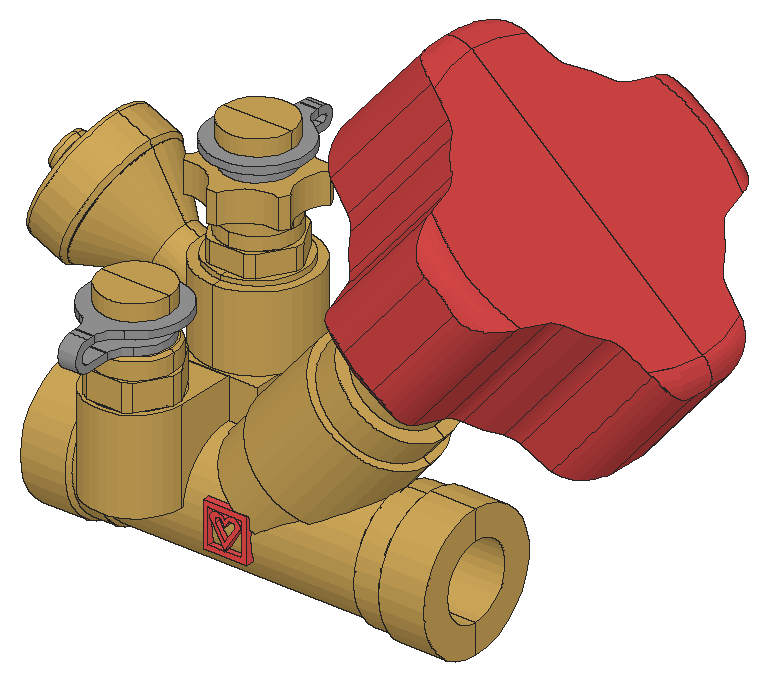
Revit family "HERZ Strömax Commissioning Valve With Integral Fixed orifice Plate 4017 ML", category Rohrzubehör, Revit 2021
Family settings
  Bemaßung runder Anschluss = Durchmesser verwenden
  Teiletyp = Unterbricht
  OmniClass-Nummer = 23.65.55.14
  OmniClass-Titel = Valves for Liquid Services
  Arbeitsebenenbasiert = Nein
  Immer vertikal = Ja
  Beim Laden mit Abzugskörper schneiden = Nein
  Gemeinsam genutzt = Nein
Parameters
  kvs-value [instance] = if(Nennweite = 15.000 mm, 2, if(Nennweite = 20.000 mm, 3.6, if(Nennweite = 25.000 mm, 6.5, if(Nennweite = 32.000 mm, 13.3, if(Nennweite = 40.000 mm, 18.5, if(Nennweite = 50.000 mm, 33, 0))))))  # 2
  kv-value of orifice [instance] = if(Nennweite = 15.000 mm, 1.95, if(Nennweite = 20.000 mm, 3.95, if(Nennweite = 25.000 mm, 7.9, if(Nennweite = 32.000 mm, 15.75, if(Nennweite = 40.000 mm, 21.5, if(Nennweite = 50.000 mm, 46.7, 0))))))  # 1.95
  W01 = 50.00°  # constant formula
  Vorgabe-Ansicht = 0.000 mm
  URL = "www.herzvalves.com"
  SW01 = 60.00°  # constant formula
  SCRNSEQ = "ARM;ARM_TYP=\"STRV\";2"
  SCRNCODE = "05;07;02"  # constant formula
  S03 = 60.000 mm  # constant formula
  S02 [instance] = L04 + L06 + L07  # 76.800 mm
  S01 [instance] = D01 * 2  # 27.000 mm
  R03 = 21.500 mm  # constant formula
  R02 = 9.500 mm  # constant formula
  R01 = 12.000 mm  # constant formula
  Part number [instance] = size_lookup("4017_ML_", "Artnr", 0, Nennweite)  # 1401731
  Model = "STRÖMAX 4017 ML, commissioning valve in Y pattern with an orifice plate and an connection for impulse line for differential pressure measurement, with test points:\r\nDZR brass, female threaded ends, non-rising stem sealed with Triple-O-Ring, presetting through stroke limiting, handwhell with presetting digital display."
  Medium = "Water purity in accordance with the OeNORM H5195 and VDI 2035 standards.\r\nEthylene and propylene glycol can be mixed to a ratio of 25 - 50 vol. %."
  Max. operating temperature = 130 °C  # constant formula
  Max. operating pressure = 2000000.0 Pa  # constant formula
  Max. differential pressure at closed valve = 1000000.0 Pa  # constant formula
  L10 [instance] = size_lookup("4017_ML_", "L10", 1.000 mm, Nennweite)  # 28.500 mm
  L09 [instance] = size_lookup("4017_ML_", "L9", 1.000 mm, Nennweite)  # 22.500 mm
  L08 [instance] = size_lookup("4017_ML_", "L8", 1.000 mm, Nennweite)  # 12.700 mm
  L07 [instance] = size_lookup("4017_ML_", "L7", 1.000 mm, Nennweite)  # 35.100 mm
  L06 [instance] = size_lookup("4017_ML_", "L6", 1.000 mm, Nennweite)  # 6.500 mm
  L05 [instance] = size_lookup("4017_ML_", "L5", 1.000 mm, Nennweite)  # 20.200 mm
  L04 [instance] = size_lookup("4017_ML_", "L4", 1.000 mm, Nennweite)  # 35.200 mm
  L03 [instance] = size_lookup("4017_ML_", "L3", 1.000 mm, Nennweite)  # 1.000 mm
  H03 [instance] = H01 - 19.000 mm  # 1.000 mm
  H02 = 13.000 mm  # constant formula
  Field of application = "Can be used as isolating and commissioning valve."
  E01 [instance] = L00 / -2  # -41.500 mm
  E00 = 0.000 mm  # constant formula
  D09 [instance] = size_lookup("4017_ML_", "D9", 1.000 mm, Nennweite)  # 11.750 mm
  D08 [instance] = size_lookup("4017_ML_", "D8", 1.000 mm, Nennweite)  # 9.500 mm
  D07 [instance] = size_lookup("4017_ML_", "D7", 1.000 mm, Nennweite)  # 12.000 mm
  D06 [instance] = size_lookup("4017_ML_", "D6", 1.000 mm, Nennweite)  # 13.500 mm
  D05 [instance] = size_lookup("4017_ML_", "D5", 1.000 mm, Nennweite)  # 12.500 mm
  D04 [instance] = Nennweite / 2  # 7.500 mm
  IG [instance] = Nennweite / 2  # 7.500 mm
  D03 [instance] = size_lookup("4017_ML_", "D3", 1.000 mm, Nennweite)  # 11.900 mm
  D02 [instance] = size_lookup("4017_ML_", "D2", 1.000 mm, Nennweite)  # 12.700 mm
  D01 [instance] = size_lookup("4017_ML_", "D1", 1.000 mm, Nennweite)  # 13.500 mm
  Nennweite [instance] = 15.000 mm
  L02 [instance] = size_lookup("4017_ML_", "L2", 1.000 mm, Nennweite)  # 5.000 mm
  L01 [instance] = size_lookup("4017_ML_", "L1", 1.000 mm, Nennweite)  # 9.250 mm
  L00 [instance] = size_lookup("4017_ML_", "L", 1.000 mm, Nennweite)  # 83.000 mm
  Hersteller = "HERZ Armaturen Ges.m.b.H."  # constant formula
  H01 [instance] = size_lookup("4017_ML_", "H1", 1.000 mm, Nennweite)  # 20.000 mm
  GT [instance] = size_lookup("4017_ML_", "GT", 1.000 mm, Nennweite)  # 13.200 mm
  DN50 [instance] = Nennweite = 50.000 mm  # no
  DN40 [instance] = Nennweite = 40.000 mm  # no
  DN32 [instance] = Nennweite = 32.000 mm  # no
  DN25 [instance] = Nennweite = 25.000 mm  # no
  DN20 [instance] = Nennweite = 20.000 mm  # no
  DN15 [instance] = Nennweite = 15.000 mm  # yes
  Body = "DZR brass"  # constant formula
Reference planes
  plane 1 "Mitte (Vorne/hinten)": y = 0
  plane 2: z = 0
  plane 3 "Mitte (Links/rechts)": x = 0
Forms (mm)
  Revolve 1, solid, material "Messing, weicher Gelbton, geschweißt", detail levels fine
    sketch origin (470, 0, 0) x (1, 0, 0) y (0, 0, 1)
      loop
        line (-511.5, 7.5) -> (-498.3, 7.5) -> (-498.3, 0) -> (-441.7, 0) -> (-441.7, 7.5) -> (-428.5, 7.5) -> (-428.5, 13.5) -> (-437.75, 13.5) -> (-438.421, 12.7) -> (-443.421, 12.7) -> (-444.093, 11.9) -> (-495.907, 11.9) -> (-496.579, 12.7) -> (-501.579, 12.7) -> (-502.25, 13.5) -> (-511.5, 13.5) -> (-511.5, 7.5)
      axis (-511.5, 0) -> (-428.5, 0)
    angle from 0 to 360
  Revolve 2, solid, material "Messing, weicher Gelbton, geschweißt", detail levels fine
    sketch origin (0.32, 0, -0.105) x (1, 0, 0) y (0, 0, 1)
      loop
        line (-1.32, 0.105) -> (48.046, 58.937) -> (39.045, 66.49) -> (30.882, 56.761) -> (32.605, 55.315) -> (18.207, 38.155) -> (16.292, 39.762) -> (12.114, 34.783) -> (10.964, 35.747) -> (-2.02, 20.273) -> (-1.254, 19.63) -> (-7.652, 12.005) -> (-7.065, 4.926) -> (-1.32, 0.105)
      axis (-1.32, 0.105) -> (48.046, 58.937)
    angle from 0 to 360
  Extrusion 3, solid, material "Messing, weicher Gelbton, geschweißt", detail levels fine
    sketch origin (0, 0, 0) x (1, 0, 0) y (0, 1, 0)
      loop
        arc (-28.5, -12) -> (-19, -21.5) -> (-9.5, -12) r 9.5
        line (-9.5, -12) -> (-9.5, 0) -> (-28.5, 0) -> (-28.5, -12)
    from 1 <- "H03" to 20 <- "H01"
  Extrusion 4, solid, material "Messing, weicher Gelbton, geschweißt", detail levels fine
    sketch origin (0, 0, 0) x (1, 0, 0) y (0, 1, 0)
      loop
        line (-22.5, 12) -> (-22.5, 0) -> (-3.5, 0) -> (-3.5, 12)
        arc (-3.5, 12) -> (-13, 21.5) -> (-22.5, 12) r 9.5
    from 0 to 20 <- "H01"
  Extrusion 5, void
    sketch origin (0, 0, 0) x (1, 0, 0) y (0, 0, 1)
      loop
        line (55, 0) -> (80, 0) -> (80, 73) -> (55, 73) -> (55, 0)
    from 55 to -55
Cuts and joins
  Extrusion 5 cuts Revolve 2
Lines and regions (mm)
  model lines, detail levels coarse+medium
    curve 1: line (-41.5, 0, 13.5) -> (-41.5, 0, -13.5)
    curve 2: line (-41.5, 0, -13.5) -> (41.5, 0, 13.5)
    curve 3: line (41.5, 0, 13.5) -> (41.5, 0, -13.5)
    curve 4: line (41.5, 0, -13.5) -> (-41.5, 0, 13.5)
    curve 5: line (0, 0, 0) -> (38.4, 0, 66.511)
    curve 6: line (12.419, 0, 81.511) -> (64.381, 0, 51.511)
    curve 7: line (-41.5, -13.5, 0) -> (-41.5, 13.5, 0)
    curve 8: line (-41.5, 13.5, 0) -> (41.5, -13.5, 0)
    curve 9: line (41.5, -13.5, 0) -> (41.5, 13.5, 0)
    curve 10: line (41.5, 13.5, 0) -> (-41.5, -13.5, 0)
    curve 11: line (0, 0, 0) -> (38.4, 66.511, 0)
    curve 12: line (12.419, 81.511, 0) -> (64.381, 51.511, 0)
Dimensions and locks
  "L00": Revolve 1 sketch curve to Revolve 1 sketch curve
  equal spacing: Revolve 1 sketch curve, plane 3 "Mitte (Links/rechts)", Revolve 1 sketch curve
  "D01": Revolve 1 sketch curve to Revolve 1 sketch curve  (x2)
  "GT": Revolve 1 sketch curve to Revolve 1 sketch curve  (x2)
  "D06": Revolve 2 sketch curve to Revolve 2 sketch curve
  "D07": Revolve 2 sketch curve to Revolve 2 sketch curve
  "D08": Revolve 2 sketch curve to Revolve 2 sketch curve
  "D09": Revolve 2 sketch curve to Revolve 2 sketch curve
  equal spacing: curve 1, plane 3 "Mitte (Links/rechts)", curve 3
  "L00": curve 1 to curve 3
  equal spacing: curve 4, plane 2, curve 2
  "S01": curve 4 to curve 1
  "S01": curve 3 to curve 4
  equal spacing: curve 3, plane 2, curve 4
  "S02": curve 5 to curve 5
  equal spacing: curve 6, curve 5, curve 6
  "S03": curve 6 to curve 6
  equal spacing: curve 7, plane 3 "Mitte (Links/rechts)", curve 9
  "L00": curve 7 to curve 9
  equal spacing: curve 10, plane 1 "Mitte (Vorne/hinten)", curve 8
  "S01": curve 8 to curve 10
  equal spacing: curve 9, plane 1 "Mitte (Vorne/hinten)", curve 10
  "S01": curve 10 to curve 9
  "S02": curve 11 to curve 11
  equal spacing: curve 12, curve 11, curve 12
  "S03": curve 12 to curve 12
  "L01": Revolve 1 sketch curve to Revolve 1 sketch curve  (x2)
  "D02": Revolve 1 sketch curve to plane 2  (x2)
  "D03": Revolve 1 sketch curve to plane 2
  "IG": Revolve 1 sketch curve to plane 2  (x2)
  "L02": Revolve 1 sketch curve to Revolve 1 sketch curve  (x2)
  "L04": Revolve 2 sketch curve to Revolve 2 sketch curve
  "L05": Revolve 2 sketch curve to Revolve 2 sketch curve
  "D03": Revolve 2 sketch curve to plane 2
  "L06": Revolve 2 sketch curve to Revolve 2 sketch curve
  "L08": Revolve 2 sketch curve to Revolve 2 sketch curve
  "L07": Revolve 2 sketch curve to Revolve 2 sketch curve
  "D04": Revolve 2 sketch curve to Revolve 2 sketch curve
  "D05": Revolve 2 sketch curve to Revolve 2 sketch curve
  "L03": plane 3 "Mitte (Links/rechts)" to Revolve 2 sketch curve  (x2)
  "D03": nested 1 to plane 1 "Mitte (Vorne/hinten)"
  "L09": Revolve 1 to Extrusion 3 sketch curve
  "R01": Extrusion 3 sketch curve to plane 1 "Mitte (Vorne/hinten)"
  "R01": plane 1 "Mitte (Vorne/hinten)" to Extrusion 4 sketch curve
  "L10": Revolve 1 to Extrusion 4 sketch curve
  "H01": nested 2 to plane 2
  "R01": nested 2 to plane 1 "Mitte (Vorne/hinten)"
  "L09": Revolve 1 to nested 2
  Extrusion 5 sketch curve to plane 3 "Mitte (Links/rechts)" = 55.000 mm
  Extrusion 5 sketch curve to Extrusion 5 sketch curve = 25.000 mm
  Extrusion 5 sketch curve to plane 2 = 73.000 mm
  "L10": Revolve 1 to nested 9
  "R01": plane 1 "Mitte (Vorne/hinten)" to nested 9
  "H01": nested 9 to plane 2
  "R02": radius of Extrusion 3 sketch curve
  "R02": radius of Extrusion 4 sketch curve
  "W01": angle level to Revolve 2 sketch curve
  "SW01": angle plane 2 to curve 5
  "SW01": angle plane 1 "Mitte (Vorne/hinten)" to curve 11
  "W01": angle Revolve 1 sketch curve to Revolve 1 sketch curve  (x4)
  "W01": angle plane 2 to Revolve 2 sketch curve
  aligned and locked: level to plane 2
Automatic sketch dimensions
  Extrusion 5 sketch curve to level = 0.000 mm
  curve 5 to level = 0.000 mm
  plane 1 "Mitte (Vorne/hinten)" to curve 11 = 0.000 mm
  Revolve 1 sketch curve to level = 0.000 mm  (x2)
  Revolve 1 sketch curve to Revolve 1 sketch curve = 791.990 mm
  Revolve 1 sketch curve to Revolve 1 sketch curve = 2278.983 mm
  Revolve 2 sketch curve to level = 0.000 mm  (x2)
  plane 1 "Mitte (Vorne/hinten)" to Extrusion 3 sketch curve = 0.000 mm
  plane 1 "Mitte (Vorne/hinten)" to Extrusion 4 sketch curve = 0.000 mm
Nested families
  nested 1: "Herz-Logo-vorne" at (0, -11.9, 0) x (0, 1, 0) z (0, 0, 1), type "Herz-Logo-vorne", detail levels fine
  nested 2: "Messstutzen_Band_Eintritt_senkrecht_(oben)" at (-19, -12, 2.5) x (-1, 0, 0) z (0, 0, 1), type "Messstutzen_Band_Eintritt_senkrecht_(oben)", detail levels fine
    with Schutzkappe yes, Nennweite 0.000 mm, Gewicht 0.00 kg, Bestellnummer 0
  nested 3: "Strangregulierventil-Handrad (Rot) DN15-DN32" at (48.366, 0, 58.832), visible <- "DN15", type "Strangregulierventil-Handrad (Rot) DN15-DN32"
    with Nennweite 0.000 mm, Gewicht 0.00 kg, Bestellnummer 0
  nested 4: "Strangregulierventil-Handrad (Rot) DN15-DN32" at (50.13, 0, 62.126), visible <- "DN20", type "Strangregulierventil-Handrad (Rot) DN15-DN32"
    with Nennweite 0.000 mm, Gewicht 0.00 kg, Bestellnummer 0
  nested 5: "Strangregulierventil-Handrad (Rot) DN15-DN32" at (55.886, 0, 73.157), visible <- "DN25", type "Strangregulierventil-Handrad (Rot) DN15-DN32"
    with Nennweite 0.000 mm, Gewicht 0.00 kg, Bestellnummer 0
  nested 6: "Strangregulierventil-Handrad (Rot) DN15-DN32" at (60.493, 0, 82.58), visible <- "DN32", type "Strangregulierventil-Handrad (Rot) DN15-DN32"
    with Nennweite 0.000 mm, Gewicht 0.00 kg, Bestellnummer 0
  nested 7: "Strangregulierventil-Handrad (Rot) DN40-DN50" at (68.72, 0, 95.602), visible <- "DN40", type "Strangregulierventil-Handrad (Rot) DN40-DN50"
    with Nennweite 0.000 mm, Gewicht 0.00 kg, Bestellnummer 0
  nested 8: "Strangregulierventil-Handrad (Rot) DN40-DN50" at (66.762, 0, 99.586), visible <- "DN50", type "Strangregulierventil-Handrad (Rot) DN40-DN50"
    with Nennweite 0.000 mm, Gewicht 0.00 kg, Bestellnummer 0
  nested 9: "Messstutzen_Band-KFE_Austritt_senkrecht_(oben)" at (-13, 12, 24.41), type "Messstutzen_Band-KFE_Austritt_senkrecht_(oben)", detail levels fine
    with Schutzkappe yes, Nennweite 0.000 mm, Gewicht 0.00 kg, Bestellnummer 0
Connectors
  piping at (-28.3, 0, 0), diameter 15, driven by "Nennweite"
    settings: on Revolve 1, index 1, connector inside diameter 609.6 mm, connector length 0.000 mm, flow factor 0, pipe flow 0.0 L/s, pressure drop 0.0 Pa, fitting loss kfactor 0, connector angle 0.00°, fixture units 0, engagement length 0.000 mm, angle of deflection 0.00°, flow configuration 0, flow direction 1, fitting loss method 0, system type 29, joint type 0, gender type 0, connector reference index -1, connector utility 0, adjustable connector no, is connector primary yes, connector description ""
  piping at (28.3, 0, 0), diameter 15, driven by "Nennweite"
    settings: on Revolve 1, index 2, connector inside diameter 609.6 mm, connector length 0.000 mm, flow factor 0, pipe flow 0.0 L/s, pressure drop 0.0 Pa, fitting loss kfactor 0, connector angle 0.00°, fixture units 0, engagement length 0.000 mm, angle of deflection 0.00°, flow configuration 0, flow direction 2, fitting loss method 0, system type 29, joint type 0, gender type 0, connector reference index -1, connector utility 0, adjustable connector no, is connector primary no, connector description ""
Definition of nested family "Herz-Logo-vorne"
  Parameters (values of type "Herz-Logo-vorne")
    Default Elevation = 0.000 mm
  Reference planes
    plane 1 "Mitte (Vorne/hinten)": y = 0
    plane 2: z = 0
    plane 3 "Mitte (Links/rechts)": x = 0
  Forms (mm)
    Extrusion 1, solid
      sketch origin (0.732, -0.018, 0.017) x (0, -1, 0) y (0, 0, 1)
        loop
          line (-0.018, -4.517) -> (4.482, -4.517) -> (4.482, 4.483) -> (-4.518, 4.483) -> (-4.518, -4.517) -> (-0.018, -4.517)
        loop
          line (-0.05, -3.48) -> (3.482, -3.48) -> (3.482, 3.483) -> (-3.518, 3.483) -> (-3.518, -3.48) -> (-0.05, -3.48)
        loop
          arc (-0.018, 2.383) -> (-1.543, 3.287) -> (-3.067, 2.383) r 1.738
          arc (-3.067, 2.383) -> (-3.191, 1.899) -> (-3.067, 1.415) r 1.009
          line (-3.067, 1.415) -> (-0.018, -3.281) -> (3.032, 1.415)
          arc (3.032, 1.415) -> (3.156, 1.899) -> (3.032, 2.383) r 1.009
          arc (3.032, 2.383) -> (1.507, 3.287) -> (-0.018, 2.383) r 1.738
        loop
          arc (1.885, 1.272) -> (2.005, 1.675) -> (1.885, 2.079) r 0.74
          arc (1.885, 2.079) -> (1.265, 2.416) -> (0.644, 2.079) r 0.74
          line (0.644, 2.079) -> (-0.018, 0.97) -> (-0.679, 2.079)
          arc (-0.679, 2.079) -> (-1.3, 2.416) -> (-1.921, 2.079) r 0.74
          arc (-1.921, 2.079) -> (-2.04, 1.675) -> (-1.921, 1.272) r 0.74
          line (-1.921, 1.272) -> (-0.018, -1.658) -> (1.885, 1.272)
      from 0 to 1.5
  Dimensions and locks
    aligned and locked: level to plane 2
Definition of nested family "Messstutzen_Band_Eintritt_senkrecht_(oben)"
  Parameters (values of type "Messstutzen_Band_Eintritt_senkrecht_(oben)")
    Default Elevation = 0.000 mm
    URL = "www.herz-armaturen.at"
    Schutzkappe [instance] = yes
    Nennweite [instance] = 0.000 mm
    Manufacturer = "Herz Armaturen GmbH"  # constant formula
    Gewicht [instance] = 0.00 kg
    Bestellnummer [instance] = 0
  Reference planes
    plane 1 "Mitte (Vorne/hinten)": y = 0
    plane 2: z = 0
    plane 3 "Mitte (Links/rechts)": x = 0
    plane 4 "Schlaufe 1": z = -27
    plane 5 "Schlaufe 2": z = -31.678
  Forms (mm)
    Revolve 1, solid, detail levels fine
      sketch origin (0, 0, 0) x (1, 0, 0) y (0, 0, 1)
        loop
          line (-7.4, 9) -> (-5.55, 9) -> (-5.55, 6)
          arc (-5.55, 6) -> (-5.626, 5.617) -> (-5.843, 5.293) r 1
          line (-5.843, 5.293) -> (-6.455, 4.681) -> (-6.455, 0.9) -> (-5.555, 0) -> (-2, 0) -> (-2, 17.5) -> (-8.4, 17.5)
          arc (-8.4, 17.5) -> (-7.693, 17.207) -> (-7.4, 16.5) r 1
          line (-7.4, 16.5) -> (-7.4, 9)
        loop
          line (-3.7, 27) -> (-7.3, 27) -> (-7.9, 26.4) -> (-7.9, 23) -> (-2, 23) -> (-2, 35.8) -> (-3.805, 35.8) -> (-4.415, 35.19) -> (-4.415, 30.863) -> (-3.7, 30.45) -> (-3.7, 27)
        axis (0, 0) -> (0, 35.8)
      angle from 0 to 360
    Extrusion 2, solid, detail levels fine
      sketch origin (0, 0, 17.5) x (0, 1, 0) y (-1, 0, 0)
        loop
          arc (-7.07, 5.156) -> (-7.578, 4.375) -> (-8, 3.544) r 8.75
          line (-8, 3.544) -> (-8, -3.544)
          arc (-8, -3.544) -> (-7.578, -4.375) -> (-7.07, -5.156) r 8.75
          line (-7.07, -5.156) -> (-0.93, -8.7)
          arc (-0.93, -8.7) -> (0, -8.75) -> (0.93, -8.7) r 8.75
          line (0.93, -8.7) -> (7.07, -5.156)
          arc (7.07, -5.156) -> (7.578, -4.375) -> (8, -3.544) r 8.75
          line (8, -3.544) -> (8, 3.544)
          arc (8, 3.544) -> (7.578, 4.375) -> (7.07, 5.156) r 8.75
          line (7.07, 5.156) -> (0.93, 8.7)
          arc (0.93, 8.7) -> (0, 8.75) -> (-0.93, 8.7) r 8.75
          line (-0.93, 8.7) -> (-7.07, 5.156)
      from 0 to 5.5
    Revolve 3, solid, visible <- "Schutzkappe", detail levels fine
      sketch origin (0, 0, 0) x (1, 0, 0) y (0, 0, 1)
        loop
          line (0, 35.878) -> (0, 36.678) -> (-7, 36.678) -> (-7, 33.378) -> (-6.1, 33.378) -> (-6.1, 31.678) -> (-6.9, 31.678) -> (-6.9, 30.178) -> (-4.415, 30.178) -> (-4.415, 35.268) -> (-3.805, 35.878) -> (0, 35.878)
        axis (0, 30.178) -> (0, 36.678)
      angle from 0 to 360
    Extrusion 4, solid, detail levels fine
      sketch origin (0, 0, 28.5) x (1, 0, 0) y (0, 1, 0)
        loop
          circle (0, 0) r 3.7
        loop
          arc (-3.906, 5.505) -> (0, -6.75) -> (3.906, 5.505) r 6.75
          arc (3.906, 5.505) -> (2.358, 7.288) -> (1.8, 9.582) r 5
          line (1.8, 9.582) -> (-1.8, 9.582)
          arc (-1.8, 9.582) -> (-2.358, 7.288) -> (-3.906, 5.505) r 5
      from 0 to -1.5
    Extrusion 5, solid, detail levels fine
      sketch origin (0, 0, 33.178) x (1, 0, 0) y (0, 1, 0)
        loop
          circle (0, 0) r 6.1
        loop
          arc (-4.495, 8.652) -> (0, -9.75) -> (4.495, 8.652) r 9.75
          arc (4.495, 8.652) -> (2.527, 10.493) -> (1.8, 13.089) r 5
          line (1.8, 13.089) -> (-1.8, 13.089)
          arc (-1.8, 13.089) -> (-2.527, 10.493) -> (-4.495, 8.652) r 5
      from 0 to -1.5
    Sweep 6, solid, detail levels fine
      path origin (0, 0, 0) x (0, 0, -1) y (0, -1, 0)
        loop
          line (-27.75, -9.582) -> (-27.75, -14.522)
          arc (-27.75, -14.522) -> (-30.089, -16.862) -> (-32.428, -14.522) r 2.339
          line (-32.428, -14.522) -> (-32.428, -13.089)
      profile origin (0, 12.052, 27.75) x (0, 0, 1) y (1, 0, 0)
        loop
          line (-0.75, -1.8) -> (0.75, -1.8) -> (0.75, 1.8) -> (-0.75, 1.8) -> (-0.75, -1.8)
  Dimensions and locks
    aligned and locked: level to plane 2
Definition of nested family "Strangregulierventil-Handrad (Rot) DN15-DN32"
  Parameters (values of type "Strangregulierventil-Handrad (Rot) DN15-DN32")
    Default Elevation = 0.000 mm
    URL = "www.herz-armaturen.at"
    Nennweite [instance] = 0.000 mm
    Manufacturer = "Herz Armaturen GmbH"  # constant formula
    Gewicht [instance] = 0.00 kg
    Bestellnummer [instance] = 0
  Reference planes
    plane 1 "Mitte (Vorne/hinten)": y = 0
    plane 2: z = 0
    plane 3 "Mitte (Links/rechts)": x = 0
  Forms (mm)
    Revolve 1, solid, detail levels fine
      sketch origin (0, 0, 0) x (0.766044, 0, -0.642788) y (0.642788, 0, 0.766044)
        loop
          line (0, 0) -> (0, 24.95) -> (-30.992, 24.95)
          arc (-30.992, 24.95) -> (-34.37, 23.636) -> (-35.973, 20.386) r 5
          line (-35.973, 20.386) -> (-37, 8.65) -> (-35.986, -2.936)
          arc (-35.986, -2.936) -> (-34.383, -6.186) -> (-31.005, -7.5) r 5
          line (-31.005, -7.5) -> (-15, -7.5) -> (-15, 0) -> (0, 0)
        axis (0, 24.95) -> (0, -7.5)
      angle from 0 to 360
    Extrusion 2, void
      sketch origin (13.049, 0, 15.551) x (0.766044, 0, -0.642788) y (0, 1, 0)
        loop
          line (3.861, 35.5) -> (-3.861, 35.5)
          arc (-3.861, 35.5) -> (-8.731, 33.847) -> (-11.589, 29.571) r 8
          line (-11.589, 29.571) -> (-13.284, 23.245)
          arc (-13.284, 23.245) -> (-13.982, 21.722) -> (-15.144, 20.516) r 5
          arc (-15.144, 20.516) -> (-18.031, 18.031) -> (-20.516, 15.144) r 25.5
          arc (-20.516, 15.144) -> (-21.722, 13.982) -> (-23.245, 13.284) r 5
          line (-23.245, 13.284) -> (-29.571, 11.589)
          arc (-29.571, 11.589) -> (-33.847, 8.731) -> (-35.5, 3.861) r 8
          line (-35.5, 3.861) -> (-35.5, -3.861)
          arc (-35.5, -3.861) -> (-33.847, -8.731) -> (-29.571, -11.589) r 8
          line (-29.571, -11.589) -> (-23.245, -13.284)
          arc (-23.245, -13.284) -> (-21.722, -13.982) -> (-20.516, -15.144) r 5
          arc (-20.516, -15.144) -> (-18.031, -18.031) -> (-15.144, -20.516) r 25.5
          arc (-15.144, -20.516) -> (-13.982, -21.722) -> (-13.284, -23.245) r 5
          line (-13.284, -23.245) -> (-11.589, -29.571)
          arc (-11.589, -29.571) -> (-8.731, -33.847) -> (-3.861, -35.5) r 8
          line (-3.861, -35.5) -> (3.861, -35.5)
          arc (3.861, -35.5) -> (8.731, -33.847) -> (11.589, -29.571) r 8
          line (11.589, -29.571) -> (13.284, -23.245)
          arc (13.284, -23.245) -> (13.982, -21.722) -> (15.144, -20.516) r 5
          arc (15.144, -20.516) -> (18.031, -18.031) -> (20.516, -15.144) r 25.5
          arc (20.516, -15.144) -> (21.722, -13.982) -> (23.245, -13.284) r 5
          line (23.245, -13.284) -> (29.571, -11.589)
          arc (29.571, -11.589) -> (33.847, -8.731) -> (35.5, -3.861) r 8
          line (35.5, -3.861) -> (35.5, 3.861)
          arc (35.5, 3.861) -> (33.847, 8.731) -> (29.571, 11.589) r 8
          line (29.571, 11.589) -> (23.245, 13.284)
          arc (23.245, 13.284) -> (21.722, 13.982) -> (20.516, 15.144) r 5
          arc (20.516, 15.144) -> (18.031, 18.031) -> (15.144, 20.516) r 25.5
          arc (15.144, 20.516) -> (13.982, 21.722) -> (13.284, 23.245) r 5
          line (13.284, 23.245) -> (11.589, 29.571)
          arc (11.589, 29.571) -> (8.731, 33.847) -> (3.861, 35.5) r 8
        loop
          circle (0, 0) r 38
      from -31.266 to 7.923
  Cuts and joins
    Extrusion 2 cuts Revolve 1
  Dimensions and locks
    Revolve 1 sketch curve to Revolve 1 sketch curve = 15.000 mm
    Revolve 1 sketch curve to Revolve 1 sketch curve = 16.150 mm
    Revolve 1 sketch curve to Revolve 1 sketch curve = 16.300 mm
    angle Revolve 1 sketch curve to Revolve 1 sketch curve = 95.00°
    aligned and locked: level to plane 2
Definition of nested family "Strangregulierventil-Handrad (Rot) DN40-DN50"
  Parameters (values of type "Strangregulierventil-Handrad (Rot) DN40-DN50")
    Default Elevation = 0.000 mm
    URL = "www.herz-armaturen.at"
    Nennweite [instance] = 0.000 mm
    Manufacturer = "Herz Armaturen GmbH"  # constant formula
    Gewicht [instance] = 0.00 kg
    Bestellnummer [instance] = 0
  Reference planes
    plane 1 "Mitte (Vorne/hinten)": y = 0
    plane 2: z = 0
    plane 3 "Mitte (Links/rechts)": x = 0
  Forms (mm)
    Revolve 1, solid, detail levels fine
      sketch origin (0, 0, 0) x (0.766044, 0, -0.642788) y (0.642788, 0, 0.766044)
        loop
          line (0, 0) -> (0, 24.95) -> (-50.992, 24.95)
          arc (-50.992, 24.95) -> (-54.37, 23.636) -> (-55.973, 20.386) r 5
          line (-55.973, 20.386) -> (-57, 8.65) -> (-55.986, -2.936)
          arc (-55.986, -2.936) -> (-54.383, -6.186) -> (-51.005, -7.5) r 5
          line (-51.005, -7.5) -> (-15, -7.5) -> (-15, 0) -> (0, 0)
        axis (0, 24.95) -> (0, -7.5)
      angle from 0 to 360
    Extrusion 2, void
      sketch origin (13.049, 0, 15.551) x (0.766044, 0, -0.642788) y (0, 1, 0)
        loop
          line (-55, 6.292) -> (-55, -6.292)
          arc (-55, -6.292) -> (-52.52, -13.597) -> (-46.106, -17.883) r 12
          line (-46.106, -17.883) -> (-35.399, -20.752)
          arc (-35.399, -20.752) -> (-33.541, -21.612) -> (-32.08, -23.047) r 6
          arc (-32.08, -23.047) -> (-27.931, -27.931) -> (-23.047, -32.08) r 39.5
          arc (-23.047, -32.08) -> (-21.612, -33.541) -> (-20.752, -35.399) r 6
          line (-20.752, -35.399) -> (-17.883, -46.106)
          arc (-17.883, -46.106) -> (-13.597, -52.52) -> (-6.292, -55) r 12
          line (-6.292, -55) -> (6.292, -55)
          arc (6.292, -55) -> (13.597, -52.52) -> (17.883, -46.106) r 12
          line (17.883, -46.106) -> (20.752, -35.399)
          arc (20.752, -35.399) -> (21.612, -33.541) -> (23.047, -32.08) r 6
          arc (23.047, -32.08) -> (27.931, -27.931) -> (32.08, -23.047) r 39.5
          arc (32.08, -23.047) -> (33.541, -21.612) -> (35.399, -20.752) r 6
          line (35.399, -20.752) -> (46.106, -17.883)
          arc (46.106, -17.883) -> (52.52, -13.597) -> (55, -6.292) r 12
          line (55, -6.292) -> (55, 6.292)
          arc (55, 6.292) -> (52.52, 13.597) -> (46.106, 17.883) r 12
          line (46.106, 17.883) -> (35.399, 20.752)
          arc (35.399, 20.752) -> (33.541, 21.612) -> (32.08, 23.047) r 6
          arc (32.08, 23.047) -> (27.931, 27.931) -> (23.047, 32.08) r 39.5
          arc (23.047, 32.08) -> (21.612, 33.541) -> (20.752, 35.399) r 6
          line (20.752, 35.399) -> (17.883, 46.106)
          arc (17.883, 46.106) -> (13.597, 52.52) -> (6.292, 55) r 12
          line (6.292, 55) -> (-6.292, 55)
          arc (-6.292, 55) -> (-13.597, 52.52) -> (-17.883, 46.106) r 12
          line (-17.883, 46.106) -> (-20.752, 35.399)
          arc (-20.752, 35.399) -> (-21.612, 33.541) -> (-23.047, 32.08) r 6
          arc (-23.047, 32.08) -> (-27.931, 27.931) -> (-32.08, 23.047) r 39.5
          arc (-32.08, 23.047) -> (-33.541, 21.612) -> (-35.399, 20.752) r 6
          line (-35.399, 20.752) -> (-46.106, 17.883)
          arc (-46.106, 17.883) -> (-52.52, 13.597) -> (-55, 6.292) r 12
        loop
          circle (0, 0) r 60
      from -31.161 to 7.489
  Cuts and joins
    Extrusion 2 cuts Revolve 1
  Dimensions and locks
    Revolve 1 sketch curve to Revolve 1 sketch curve = 15.000 mm
    Revolve 1 sketch curve to Revolve 1 sketch curve = 16.150 mm
    Revolve 1 sketch curve to Revolve 1 sketch curve = 16.300 mm
    Revolve 1 sketch curve to Revolve 1 sketch curve = 57.000 mm
    angle Revolve 1 sketch curve to Revolve 1 sketch curve = 95.00°
    aligned and locked: level to plane 2
Definition of nested family "Messstutzen_Band-KFE_Austritt_senkrecht_(oben)"
  Parameters (values of type "Messstutzen_Band-KFE_Austritt_senkrecht_(oben)")
    Default Elevation = 0.000 mm
    URL = "www.herz-armaturen.at"
    Schutzkappe [instance] = yes
    Nennweite [instance] = 0.000 mm
    Manufacturer = "Herz Armaturen GmbH"  # constant formula
    Gewicht [instance] = 0.00 kg
    Bestellnummer [instance] = 0
  Reference planes
    plane 1 "Mitte (Vorne/hinten)": y = 0
    plane 2: z = 0
    plane 3 "Mitte (Links/rechts)": x = 0
  Forms (mm)
    Revolve 1, solid, detail levels fine
      sketch origin (0, 0, 0) x (1, 0, 0) y (0, 0, 1)
        loop
          line (-7.4, 9) -> (-5.55, 9) -> (-5.55, 6)
          arc (-5.55, 6) -> (-5.626, 5.617) -> (-5.843, 5.293) r 1
          line (-5.843, 5.293) -> (-6.455, 4.681) -> (-6.455, 0.9) -> (-5.555, 0) -> (-2, 0) -> (-2, 23) -> (-2, 35.8) -> (-3.805, 35.8) -> (-4.415, 35.19) -> (-4.415, 30.863) -> (-3.7, 30.45) -> (-3.7, 27) -> (-7.4, 27) -> (-7.4, 9)
        axis (0, 0) -> (0, 35.8)
      angle from 0 to 360
    Extrusion 2, solid, detail levels fine
      sketch origin (0, 0, 17.5) x (0, 1, 0) y (-1, 0, 0)
        loop
          arc (-7.07, 5.156) -> (-7.578, 4.375) -> (-8, 3.544) r 8.75
          line (-8, 3.544) -> (-8, -3.544)
          arc (-8, -3.544) -> (-7.578, -4.375) -> (-7.07, -5.156) r 8.75
          line (-7.07, -5.156) -> (-0.93, -8.7)
          arc (-0.93, -8.7) -> (0, -8.75) -> (0.93, -8.7) r 8.75
          line (0.93, -8.7) -> (7.07, -5.156)
          arc (7.07, -5.156) -> (7.578, -4.375) -> (8, -3.544) r 8.75
          line (8, -3.544) -> (8, 3.544)
          arc (8, 3.544) -> (7.578, 4.375) -> (7.07, 5.156) r 8.75
          line (7.07, 5.156) -> (0.93, 8.7)
          arc (0.93, 8.7) -> (0, 8.75) -> (-0.93, 8.7) r 8.75
          line (-0.93, 8.7) -> (-7.07, 5.156)
      from -5.51 to -1.21
    Revolve 3, solid, visible <- "Schutzkappe", detail levels fine
      sketch origin (0, 0, 0) x (1, 0, 0) y (0, 0, 1)
        loop
          line (0, 35.878) -> (0, 36.678) -> (-7, 36.678) -> (-7, 33.378) -> (-6.1, 33.378) -> (-6.1, 31.678) -> (-6.9, 31.678) -> (-6.9, 30.178) -> (-4.415, 30.178) -> (-4.415, 35.268) -> (-3.805, 35.878) -> (0, 35.878)
        axis (0, 30.178) -> (0, 36.678)
      angle from 0 to 360
    Extrusion 4, solid, detail levels fine
      sketch origin (0, 0, 30) x (1, 0, 0) y (0, 1, 0)
        loop
          circle (0, 0) r 3.7
        loop
          arc (-3.906, 5.505) -> (0, -6.75) -> (3.906, 5.505) r 6.75
          arc (3.906, 5.505) -> (2.358, 7.288) -> (1.8, 9.582) r 5
          line (1.8, 9.582) -> (-1.8, 9.582)
          arc (-1.8, 9.582) -> (-2.358, 7.288) -> (-3.906, 5.505) r 5
      from 0 to -1.5
    Extrusion 5, solid, detail levels fine
      sketch origin (0, 0, 33.178) x (1, 0, 0) y (0, 1, 0)
        loop
          circle (0, 0) r 6.1
        loop
          arc (-4.495, 8.652) -> (0, -9.75) -> (4.495, 8.652) r 9.75
          arc (4.495, 8.652) -> (2.527, 10.493) -> (1.8, 13.089) r 5
          line (1.8, 13.089) -> (-1.8, 13.089)
          arc (-1.8, 13.089) -> (-2.527, 10.493) -> (-4.495, 8.652) r 5
      from 0 to -1.5
    Sweep 6, solid, detail levels fine
      path origin (0, 0, 0) x (0, 0, -1) y (0, -1, 0)
        loop
          line (-29.25, -9.582) -> (-29.25, -14.522)
          arc (-29.25, -14.522) -> (-30.839, -16.112) -> (-32.428, -14.522) r 1.589
          line (-32.428, -14.522) -> (-32.428, -13.089)
      profile origin (0, 12.052, 29.25) x (0, 0, 1) y (1, 0, 0)
        loop
          line (-0.75, -1.8) -> (0.75, -1.8) -> (0.75, 1.8) -> (-0.75, 1.8) -> (-0.75, -1.8)
    Extrusion 7, solid, detail levels fine
      sketch origin (-101.196, 0, 0) x (1, 0, 0) y (0, 1, 0)
        loop
          arc (112.053, 5.113) -> (111.589, 6) -> (111.053, 6.845) r 12
          arc (111.053, 6.845) -> (105.696, 7.794) -> (102.196, 11.958) r 7.971
          arc (102.196, 11.958) -> (101.196, 12) -> (100.196, 11.958) r 12
          arc (100.196, 11.958) -> (96.696, 7.794) -> (91.34, 6.845) r 7.971
          arc (91.34, 6.845) -> (90.804, 6) -> (90.34, 5.113) r 12
          arc (90.34, 5.113) -> (92.196, 0) -> (90.34, -5.113) r 7.971
          arc (90.34, -5.113) -> (90.804, -6) -> (91.34, -6.845) r 12
          arc (91.34, -6.845) -> (96.696, -7.794) -> (100.196, -11.958) r 7.971
          arc (100.196, -11.958) -> (101.196, -12) -> (102.196, -11.958) r 12
          arc (102.196, -11.958) -> (105.696, -7.794) -> (111.053, -6.845) r 7.971
          arc (111.053, -6.845) -> (111.589, -6) -> (112.053, -5.113) r 12
          arc (112.053, -5.113) -> (110.196, 0) -> (112.053, 5.113) r 7.971
      from 22.3 to 28.5
    Revolve 8, solid, detail levels fine
      sketch origin (0, 43.374, -20) x (0, 1, 0) y (0, 0, 1)
        loop
          line (-43.374, 0) -> (-37.874, 0) -> (-36.774, 1.1) -> (-36.774, 4.9) -> (-37.874, 6) -> (-37.874, 8.4) -> (-36.424, 8.4) -> (-36.424, 9.2) -> (-34.424, 9.2) -> (-34.424, 15.59) -> (-31.874, 15.59) -> (-31.874, 30.99) -> (-33.874, 30.99) -> (-33.874, 31.99) -> (-43.374, 31.99) -> (-43.374, 0)
        loop
          line (-43.374, 39) -> (-43.374, 36.29) -> (-35.874, 36.29) -> (-35.874, 39) -> (-43.374, 39)
        axis (-43.374, 39) -> (-43.374, 0)
      angle from 0 to 360
    Revolve 9, solid, detail levels fine
      sketch origin (0, 0, 0) x (-1, 0, 0) y (0, 0, 1)
        loop
          line (0, -1.01) -> (32.627, 14.204) -> (27.556, 25.08) -> (25.934, 25.67) -> (21.602, 23.65) -> (14.873, 11.994) -> (-2.324, 3.975) -> (0, -1.01)
        axis (32.627, 14.204) -> (0, -1.01)
      angle from 0 to 360
    Revolve 10, solid, detail levels fine
      sketch origin (-51.188, 0, -39.797) x (-0.422618, 0, -0.906308) y (-0.906308, 0, 0.422618)
        loop
          line (-56.786, 8) -> (-45.747, 8) -> (-45.747, 0) -> (-43.834, 0) -> (-42.786, 1.048) -> (-42.786, 8.048)
          arc (-42.786, 8.048) -> (-43.065, 8.721) -> (-43.738, 9) r 0.952
          line (-43.738, 9) -> (-52.974, 9)
          arc (-52.974, 9) -> (-53.548, 9.238) -> (-53.786, 9.812) r 0.812
          line (-53.786, 9.812) -> (-53.786, 12) -> (-52.786, 12) -> (-52.786, 13.03)
          arc (-52.786, 13.03) -> (-53.07, 13.716) -> (-53.756, 14) r 0.97
          line (-53.756, 14) -> (-56.786, 14) -> (-56.786, 8)
        axis (-56.786, 14) -> (-56.786, 0)
      angle from 0 to 360
  Dimensions and locks
    aligned and locked: level to plane 2
